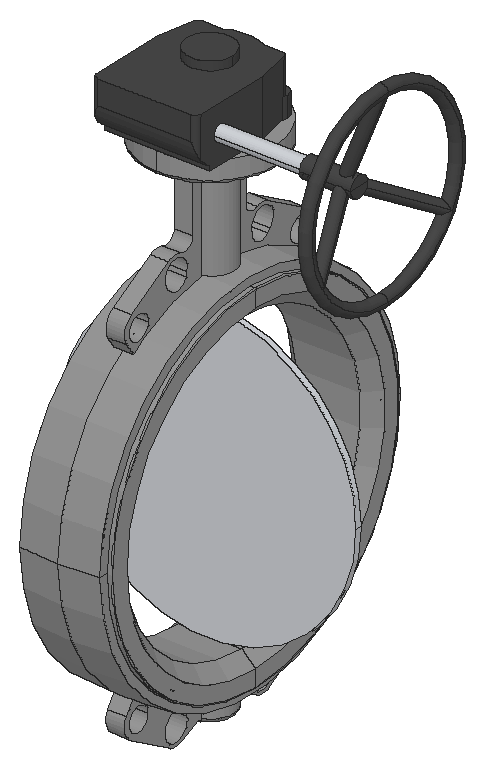
Revit family "HERZ Isolating Butterfly Valves ZF-4219 with gearbox", category Rohrzubehör, Revit 2021
Family settings
  Bemaßung runder Anschluss = Durchmesser verwenden
  Teiletyp = Unterbricht
  Arbeitsebenenbasiert = Nein
  Immer vertikal = Ja
  Beim Laden mit Abzugskörper schneiden = Nein
  Gemeinsam genutzt = Nein
Parameters
  Weight [instance] = size_lookup("4219_ZF_G", "M", 37.6, Nennweite)  # 37.6
  Vorgabe-Ansicht = 0 mm
  URL = "www.herzvalves.com"
  Spindle = "stainless steel ASTM-A276 / Type 316"  # constant formula
  Screws PN16 [instance] = if(Nennweite = 50 mm, "4x M16x100", if(Nennweite = 65 mm, "4x M16x100", if(Nennweite = 80 mm, "8x M16x100", if(Nennweite = 100 mm, "8x M16x110", if(Nennweite = 125 mm, "8x M16x120", if(Nennweite = 150 mm, "8x M20x120", if(Nennweite = 200 mm, "12x M20x130", if(Nennweite = 250 mm, "12x M24x140", "12x M24x160"))))))))  # "12x M24x160"
  Screws PN 6 [instance] = if(Nennweite = 50 mm, "4x M12x100", if(Nennweite = 65 mm, "4x M12x100", if(Nennweite = 80 mm, "4x M16x100", if(Nennweite = 100 mm, "4x M16x100", if(Nennweite = 125 mm, "8x M16x110", if(Nennweite = 150 mm, "8x M16x110", if(Nennweite = 200 mm, "--", if(Nennweite = 250 mm, "12x M16x130", "12xM16x140"))))))))  # "12xM16x140"
  Screws PN10 [instance] = if(Nennweite = 50 mm, "4x M16x100", if(Nennweite = 65 mm, "4x M16x100", if(Nennweite = 80 mm, "4x M16x100", if(Nennweite = 100 mm, "4x M16x110", if(Nennweite = 125 mm, "8x M16x120", if(Nennweite = 150 mm, "8x M20x120", if(Nennweite = 200 mm, "8x M20x130", if(Nennweite = 250 mm, "12x M20x130", "12x M20x150"))))))))  # "12x M20x150"
  SCTWSEQ = "FW;SBT_TYP_FW=\"101\";2"
  SCTWCODE = "04;07;02"  # constant formula
  SCRNSEQ = "ARM;ARM_TYP=\"ALLF\";2"
  SCRNCODE = "05;13;02"  # constant formula
  R_Dichtung = 1.5 mm  # constant formula
  Part number [instance] = size_lookup("4219_ZF_G", "Artnr", 1421901, Nennweite)  # 1421969
  PN16 [instance] = or(Nennweite = 50 mm, Nennweite = 65 mm, Nennweite = 80 mm, Nennweite = 100 mm, Nennweite = 125 mm, Nennweite = 150 mm, Nennweite = 200 mm, Nennweite = 250 mm, Nennweite = 300 mm)  # yes
  PN10 [instance] = or(Nennweite = 50 mm, Nennweite = 65 mm, Nennweite = 80 mm, Nennweite = 100 mm, Nennweite = 125 mm, Nennweite = 150 mm, Nennweite = 200 mm, Nennweite = 250 mm, Nennweite = 300 mm)  # yes
  PN 6 [instance] = or(Nennweite = 50 mm, Nennweite = 65 mm, Nennweite = 80 mm, Nennweite = 100 mm, Nennweite = 125 mm, Nennweite = 150 mm, Nennweite = 250 mm, Nennweite = 300 mm)  # yes
  PN [instance] = 16  # constant formula
  O-Ring = "EPDM according to ISO 1691"  # constant formula
  Nennweite [instance] = 300 mm
  Min. operating temperature = "-20.00 °C with appropriate water-glycol mixture"  # constant formula
  Medium = "Heating water quality according ÖNORM H5195 or VDI-Standard 2035. The use of ethylene or propylene glycol in a\nmixing ratio 25- 50% is allowed."
  Max. operating temperature = 110 °C  # constant formula
  LO1 [instance] = R05 + 10 mm  # 193 mm
  L16 [instance] = L01 - L13  # 299 mm
  L15 [instance] = L01 + L12  # 328 mm
  L14 [instance] = size_lookup("4219_ZF_G", "L_14", 44.4 mm, Nennweite)  # 89.4 mm
  L13 [instance] = size_lookup("4219_ZF_G", "L_13", 15 mm, Nennweite)  # 9 mm
  L12 [instance] = size_lookup("4219_ZF_G", "L_12", 15 mm, Nennweite)  # 20 mm
  L11 [instance] = size_lookup("4219_ZF_G", "L_11", 15 mm, Nennweite)  # 23 mm
  L10 [instance] = size_lookup("4219_ZF_G", "L_10", 16 mm, Nennweite)  # 16 mm
  L09 [instance] = size_lookup("4219_ZF_G", "L9", 29 mm, Nennweite)  # 61 mm
  L08 [instance] = size_lookup("4219_ZF_G", "L8", 43 mm, Nennweite)  # 78 mm
  L07 [instance] = size_lookup("4219_ZF_G", "L7", 3.5 mm, Nennweite)  # 4.5 mm
  L06 [instance] = size_lookup("4219_ZF_G", "L6", 18 mm, Nennweite)  # 44 mm
  L05 [instance] = size_lookup("4219_ZF_G", "L5", 35 mm, Nennweite)  # 67 mm
  L04 [instance] = size_lookup("4219_ZF_G", "L4", 35 mm, Nennweite)  # 17.5 mm
  L03 [instance] = size_lookup("4219_ZF_G", "L3", 35 mm, Nennweite)  # 207.5 mm
  L02 [instance] = size_lookup("4219_ZF_G", "L2", 35 mm, Nennweite)  # 122 mm
  L01 [instance] = size_lookup("4219_ZF_G", "L1", 35 mm, Nennweite)  # 308 mm
  Hersteller = "HERZ Armaturen Ges.m.b.H."  # constant formula
  H [instance] = size_lookup("4219_ZF_G", "H1", 9 mm, Nennweite)  # 22 mm
  Flange = "according to EN1092-2"  # constant formula
  Einbaudatum [instance] = ""
  Troque in Nm [instance] = size_lookup("4219_ZF_G", "NM", 350, Nennweite)  # 350
  Disc = "stainless steel 1.4408"  # constant formula
  DN300 [instance] = Nennweite = 300 mm  # yes
  DN250 [instance] = Nennweite = 250 mm  # no
  DN200 [instance] = Nennweite = 200 mm  # no
  DN150 [instance] = Nennweite = 150 mm  # no
  DN125 [instance] = Nennweite = 125 mm  # no
  DN100 [instance] = Nennweite = 100 mm  # no
  DN 80 [instance] = Nennweite = 80 mm  # no
  DN 65 [instance] = Nennweite = 65 mm  # no
  DN 50 [instance] = Nennweite = 50 mm  # no
  Chargennummer [instance] = ""
  Body sealing = "EPDM according to ISO 1691"  # constant formula
  Body = "GG, GJL-250/JL1040, according to EN1561"  # constant formula
  BD [instance] = size_lookup("4219_ZF_G", "DB", 24 mm, Nennweite)  # 290 mm
  D09 [instance] = size_lookup("4219_ZF_G", "D9", 24 mm, Nennweite)  # 145 mm
  D08 [instance] = size_lookup("4219_ZF_G", "D8", 47 mm, Nennweite)  # 18 mm
  D07 [instance] = size_lookup("4219_ZF_G", "D7", 47 mm, Nennweite)  # 37.5 mm
  D06 [instance] = size_lookup("4219_ZF_G", "D6", 47 mm, Nennweite)  # 65 mm
  R05 [instance] = size_lookup("4219_ZF_G", "D5", 47 mm, Nennweite)  # 183 mm
  D05 [instance] = R05 * 2  # 366 mm
  D04 [instance] = size_lookup("4219_ZF_G", "D4", 41 mm, Nennweite)  # 175 mm
  D03 [instance] = size_lookup("4219_ZF_G", "D3", 35.5 mm, Nennweite)  # 167.5 mm
  R01 [instance] = size_lookup("4219_ZF_G", "D1", 28 mm, Nennweite)  # 154.5 mm
  R02 [instance] = size_lookup("4219_ZF_G", "D2", 30 mm, Nennweite)  # 156.5 mm
  Application = "Suitable for fluids in building services, cold water systems, hot water saystems, etc."
Reference planes
  plane 1 "Mitte (Vorne/hinten)": y = 0
  plane 2: z = 0
  plane 3 "Mitte (Links/rechts)": x = 0
Forms (mm)
  Revolve 1, solid, material "Herz-Metall-blau", detail levels fine
    sketch origin (0, 0, 0) x (1, 0, 0) y (0, 1, 0)
      loop
        line (0, 185.241) -> (-39, 183) -> (-39, 175) -> (-30.5, 175) -> (-30.5, 167.5) -> (-32, 167.5)
        arc (-32, 167.5) -> (-33.061, 167.061) -> (-33.5, 166) r 1.5
        line (-33.5, 166) -> (-33.5, 156.824)
        arc (-33.5, 156.824) -> (-33.229, 155.964) -> (-32.513, 155.415) r 1.5
        line (-32.513, 155.415) -> (-29, 154.5) -> (-22, 154.5) -> (-22, 156.5) -> (22, 156.5) -> (22, 154.5) -> (29, 154.5) -> (32.513, 155.415)
        arc (32.513, 155.415) -> (33.229, 155.964) -> (33.5, 156.824) r 1.5
        line (33.5, 156.824) -> (33.5, 166)
        arc (33.5, 166) -> (33.061, 167.061) -> (32, 167.5) r 1.5
        line (32, 167.5) -> (30.5, 167.5) -> (30.5, 175) -> (39, 175) -> (39, 183) -> (0, 185.241)
      axis (39, 0) -> (-39, 0)
    angle from 0 to 360
  Extrusion 2, solid, material "Herz-Metall-blau", visible <- "DN 50", detail levels fine
    sketch origin (0, 0, 0) x (0, 1, 0) y (0, 0, 1)
      loop
        line (20, 54.051) -> (20.008, 111.113) -> (16.897, 110.952)
        arc (16.897, 110.952) -> (15.55, 110.331) -> (15, 108.954) r 2
        line (15, 108.954) -> (15, 44.542)
        arc (15, 44.542) -> (31.465, 34.913) -> (42.748, 19.534) r 47
        arc (42.748, 19.534) -> (42.633, 20.873) -> (43.392, 21.983) r 2
        line (43.392, 21.983) -> (54.714, 30.209)
        arc (54.714, 30.209) -> (56.569, 56.569) -> (30.209, 54.714) r 17.5
        line (30.209, 54.714) -> (27.87, 51.494)
        arc (27.87, 51.494) -> (23.006, 49.914) -> (20, 54.051) r 4.35
      loop
        arc (32.065, 41.998) -> (33.588, 33.588) -> (41.998, 32.065) r 7.5
        line (41.998, 32.065) -> (48.502, 35.17)
        arc (48.502, 35.17) -> (51.265, 51.265) -> (35.17, 48.502) r 10
        line (35.17, 48.502) -> (32.065, 41.998)
      loop
        arc (-20, 54.051) -> (-23.006, 49.914) -> (-27.87, 51.494) r 4.35
        line (-27.87, 51.494) -> (-30.209, 54.714)
        arc (-30.209, 54.714) -> (-56.569, 56.569) -> (-54.714, 30.209) r 17.5
        line (-54.714, 30.209) -> (-43.392, 21.983)
        arc (-43.392, 21.983) -> (-42.633, 20.873) -> (-42.748, 19.534) r 2
        arc (-42.748, 19.534) -> (-31.465, 34.913) -> (-15, 44.542) r 47
        line (-15, 44.542) -> (-15, 108.954)
        arc (-15, 108.954) -> (-15.55, 110.331) -> (-16.897, 110.952) r 2
        line (-16.897, 110.952) -> (-20.008, 111.113) -> (-20, 54.051)
      loop
        line (-32.065, 41.998) -> (-35.17, 48.502)
        arc (-35.17, 48.502) -> (-51.265, 51.265) -> (-48.502, 35.17) r 10
        line (-48.502, 35.17) -> (-41.998, 32.065)
        arc (-41.998, 32.065) -> (-33.588, 33.588) -> (-32.065, 41.998) r 7.5
      loop
        line (32.065, -41.998) -> (35.17, -48.502)
        arc (35.17, -48.502) -> (51.265, -51.265) -> (48.502, -35.17) r 10
        line (48.502, -35.17) -> (41.998, -32.065)
        arc (41.998, -32.065) -> (33.588, -33.588) -> (32.065, -41.998) r 7.5
      loop
        line (54.714, -30.209) -> (43.392, -21.983)
        arc (43.392, -21.983) -> (42.633, -20.873) -> (42.748, -19.534) r 2
        arc (42.748, -19.534) -> (33.234, -33.234) -> (19.534, -42.748) r 47
        arc (19.534, -42.748) -> (20.873, -42.633) -> (21.983, -43.392) r 2
        line (21.983, -43.392) -> (30.209, -54.714)
        arc (30.209, -54.714) -> (56.569, -56.569) -> (54.714, -30.209) r 17.5
      loop
        arc (-32.065, -41.998) -> (-33.588, -33.588) -> (-41.998, -32.065) r 7.5
        line (-41.998, -32.065) -> (-48.502, -35.17)
        arc (-48.502, -35.17) -> (-51.265, -51.265) -> (-35.17, -48.502) r 10
        line (-35.17, -48.502) -> (-32.065, -41.998)
      loop
        arc (-54.714, -30.209) -> (-56.569, -56.569) -> (-30.209, -54.714) r 17.5
        line (-30.209, -54.714) -> (-21.983, -43.392)
        arc (-21.983, -43.392) -> (-20.873, -42.633) -> (-19.534, -42.748) r 2
        arc (-19.534, -42.748) -> (-33.234, -33.234) -> (-42.748, -19.534) r 47
        arc (-42.748, -19.534) -> (-42.633, -20.873) -> (-43.392, -21.983) r 2
        line (-43.392, -21.983) -> (-54.714, -30.209)
    from -4.5 to 4.5
  Extrusion 3, solid, material "Herz-Metall-blau", visible <- "DN 65", detail levels fine
    sketch origin (0, 0, 0) x (0, 1, 0) y (0, 0, 1)
      loop
        arc (51.659, 21.619) -> (51.541, 22.778) -> (52.089, 23.805) r 2
        line (52.089, 23.805) -> (65.407, 37.123)
        arc (65.407, 37.123) -> (65.407, 65.407) -> (37.123, 65.407) r 20
        line (37.123, 65.407) -> (29.414, 57.699)
        arc (29.414, 57.699) -> (27.235, 57.265) -> (26, 59.113) r 2
        line (26, 59.113) -> (26, 136.154) -> (19.897, 135.838)
        arc (19.897, 135.838) -> (18.55, 135.218) -> (18, 133.841) r 2
        line (18, 133.841) -> (18, 53.028)
        arc (18, 53.028) -> (38.206, 40.942) -> (51.659, 21.619) r 56
      loop
        arc (55.637, 42.831) -> (57.983, 57.983) -> (42.831, 55.637) r 9.5
        line (42.831, 55.637) -> (39.647, 48.983)
        arc (39.647, 48.983) -> (41.012, 41.012) -> (48.983, 39.647) r 7
        line (48.983, 39.647) -> (55.637, 42.831)
      loop
        arc (51.659, -21.619) -> (39.598, -39.598) -> (21.619, -51.659) r 56
        arc (21.619, -51.659) -> (22.778, -51.541) -> (23.805, -52.089) r 2
        line (23.805, -52.089) -> (37.123, -65.407)
        arc (37.123, -65.407) -> (65.407, -65.407) -> (65.407, -37.123) r 20
        line (65.407, -37.123) -> (52.089, -23.805)
        arc (52.089, -23.805) -> (51.541, -22.778) -> (51.659, -21.619) r 2
      loop
        line (55.637, -42.831) -> (48.983, -39.647)
        arc (48.983, -39.647) -> (41.012, -41.012) -> (39.647, -48.983) r 7
        line (39.647, -48.983) -> (42.831, -55.637)
        arc (42.831, -55.637) -> (57.983, -57.983) -> (55.637, -42.831) r 9.5
      loop
        arc (-51.659, -21.619) -> (-51.541, -22.778) -> (-52.089, -23.805) r 2
        line (-52.089, -23.805) -> (-65.407, -37.123)
        arc (-65.407, -37.123) -> (-65.407, -65.407) -> (-37.123, -65.407) r 20
        line (-37.123, -65.407) -> (-23.805, -52.089)
        arc (-23.805, -52.089) -> (-22.778, -51.541) -> (-21.619, -51.659) r 2
        arc (-21.619, -51.659) -> (-39.598, -39.598) -> (-51.659, -21.619) r 56
      loop
        arc (-55.637, -42.831) -> (-57.983, -57.983) -> (-42.831, -55.637) r 9.5
        line (-42.831, -55.637) -> (-39.647, -48.983)
        arc (-39.647, -48.983) -> (-41.012, -41.012) -> (-48.983, -39.647) r 7
        line (-48.983, -39.647) -> (-55.637, -42.831)
      loop
        arc (-51.659, 21.619) -> (-38.206, 40.942) -> (-18, 53.028) r 56
        line (-18, 53.028) -> (-18, 133.838)
        arc (-18, 133.838) -> (-18.55, 135.215) -> (-19.897, 135.835) r 2
        line (-19.897, 135.835) -> (-26, 136.151) -> (-26, 59.113)
        arc (-26, 59.113) -> (-27.235, 57.265) -> (-29.414, 57.699) r 2
        line (-29.414, 57.699) -> (-37.123, 65.407)
        arc (-37.123, 65.407) -> (-65.407, 65.407) -> (-65.407, 37.123) r 20
        line (-65.407, 37.123) -> (-52.089, 23.805)
        arc (-52.089, 23.805) -> (-51.541, 22.778) -> (-51.659, 21.619) r 2
      loop
        line (-55.637, 42.831) -> (-48.983, 39.647)
        arc (-48.983, 39.647) -> (-41.012, 41.012) -> (-39.647, 48.983) r 7
        line (-39.647, 48.983) -> (-42.831, 55.637)
        arc (-42.831, 55.637) -> (-57.983, 57.983) -> (-55.637, 42.831) r 9.5
    from -4.5 to 4.5
  Extrusion 4, solid, material "Herz-Metall-blau", visible <- "DN 80", detail levels fine
    sketch origin (0, 0, 0) x (0, 1, 0) y (0, 0, 1)
      loop
        line (26, 143.161) -> (20.397, 142.871)
        arc (20.397, 142.871) -> (19.05, 142.251) -> (18.5, 140.874) r 2
        line (18.5, 140.874) -> (18.5, 62.833)
        arc (18.5, 62.833) -> (41.296, 50.842) -> (57.706, 30.989) r 65.5
        arc (57.706, 30.989) -> (57.482, 32.176) -> (57.983, 33.275) r 2
        line (57.983, 33.275) -> (67.23, 43.52)
        arc (67.23, 43.52) -> (70.328, 54.798) -> (65.407, 65.407) r 17
        line (65.407, 65.407) -> (42.005, 86.53)
        arc (42.005, 86.53) -> (37.832, 89.302) -> (33.031, 90.738) r 17
        arc (33.031, 90.738) -> (27.974, 93.895) -> (26, 99.52) r 9
        line (26, 99.52) -> (26, 143.161)
      loop
        circle (30.615, 73.91) r 9.5
      loop
        circle (53.387, 53.387) r 9.5
      loop
        arc (57.706, -30.989) -> (41.296, -50.842) -> (18.5, -62.833) r 65.5
        line (18.5, -62.833) -> (18.5, -85.837)
        arc (18.5, -85.837) -> (30.113, -90.903) -> (42.005, -86.53) r 17
        line (42.005, -86.53) -> (65.407, -65.407)
        arc (65.407, -65.407) -> (70.328, -54.798) -> (67.23, -43.52) r 17
        line (67.23, -43.52) -> (57.983, -33.275)
        arc (57.983, -33.275) -> (57.482, -32.176) -> (57.706, -30.989) r 2
      loop
        circle (30.615, -73.91) r 9.5
      loop
        circle (53.387, -53.387) r 9.5
      loop
        arc (-57.706, -30.989) -> (-57.482, -32.176) -> (-57.983, -33.275) r 2
        line (-57.983, -33.275) -> (-67.23, -43.52)
        arc (-67.23, -43.52) -> (-70.328, -54.798) -> (-65.407, -65.407) r 17
        line (-65.407, -65.407) -> (-42.005, -86.53)
        arc (-42.005, -86.53) -> (-30.113, -90.903) -> (-18.5, -85.837) r 17
        line (-18.5, -85.837) -> (-18.5, -62.833)
        arc (-18.5, -62.833) -> (-41.296, -50.842) -> (-57.706, -30.989) r 65.5
      loop
        circle (-30.615, -73.91) r 9.5
      loop
        circle (-53.387, -53.387) r 9.5
      loop
        line (-26, 143.179) -> (-26, 99.52)
        arc (-26, 99.52) -> (-27.974, 93.895) -> (-33.031, 90.738) r 9
        arc (-33.031, 90.738) -> (-37.832, 89.302) -> (-42.005, 86.53) r 17
        line (-42.005, 86.53) -> (-65.407, 65.407)
        arc (-65.407, 65.407) -> (-70.328, 54.798) -> (-67.23, 43.52) r 17
        line (-67.23, 43.52) -> (-57.983, 33.275)
        arc (-57.983, 33.275) -> (-57.482, 32.176) -> (-57.706, 30.989) r 2
        arc (-57.706, 30.989) -> (-41.296, 50.842) -> (-18.5, 62.833) r 65.5
        line (-18.5, 62.833) -> (-18.5, 140.891)
        arc (-18.5, 140.891) -> (-19.05, 142.268) -> (-20.397, 142.888) r 2
        line (-20.397, 142.888) -> (-26, 143.179)
      loop
        circle (-30.615, 73.91) r 9.5
      loop
        circle (-53.387, 53.387) r 9.5
    from -4.5 to 4.5
  Extrusion 5, solid, material "Herz-Metall-blau", visible <- "DN100", detail levels fine
    sketch origin (0, 0, 0) x (0, 1, 0) y (0, 0, 1)
      loop
        line (64.131, 38.887) -> (73.681, 49.873)
        arc (73.681, 49.873) -> (77.063, 61.29) -> (72.125, 72.125) r 17
        line (72.125, 72.125) -> (45.809, 95.79)
        arc (45.809, 95.79) -> (41.366, 98.675) -> (36.25, 100.053) r 17
        arc (36.25, 100.053) -> (28.882, 104.596) -> (26, 112.759) r 13
        line (26, 112.759) -> (26, 166.173) -> (20.397, 165.883)
        arc (20.397, 165.883) -> (19.05, 165.263) -> (18.5, 163.886) r 2
        line (18.5, 163.886) -> (18.5, 72.683)
        arc (18.5, 72.683) -> (44.637, 60.27) -> (64.131, 38.887) r 75
      loop
        circle (60.104, 60.104) r 9.5
      loop
        circle (34.442, 83.149) r 9.5
      loop
        arc (64.131, -38.887) -> (44.637, -60.27) -> (18.5, -72.683) r 75
        line (18.5, -72.683) -> (18.5, -95.329)
        arc (18.5, -95.329) -> (21.473, -95.603) -> (24.233, -96.743) r 10
        arc (24.233, -96.743) -> (35.191, -100.133) -> (45.809, -95.79) r 17
        line (45.809, -95.79) -> (72.125, -72.125)
        arc (72.125, -72.125) -> (77.063, -61.29) -> (73.681, -49.873) r 17
        line (73.681, -49.873) -> (64.131, -38.887)
      loop
        circle (60.104, -60.104) r 9.5
      loop
        circle (34.442, -83.149) r 9.5
      loop
        line (-64.131, -38.887) -> (-73.681, -49.873)
        arc (-73.681, -49.873) -> (-77.063, -61.29) -> (-72.125, -72.125) r 17
        line (-72.125, -72.125) -> (-45.809, -95.79)
        arc (-45.809, -95.79) -> (-35.191, -100.133) -> (-24.233, -96.743) r 17
        arc (-24.233, -96.743) -> (-21.473, -95.603) -> (-18.5, -95.329) r 10
        line (-18.5, -95.329) -> (-18.5, -72.683)
        arc (-18.5, -72.683) -> (-44.637, -60.27) -> (-64.131, -38.887) r 75
      loop
        circle (-60.104, -60.104) r 9.5
      loop
        circle (-34.442, -83.149) r 9.5
      loop
        arc (-64.131, 38.887) -> (-44.637, 60.27) -> (-18.5, 72.683) r 75
        line (-18.5, 72.683) -> (-18.5, 163.876)
        arc (-18.5, 163.876) -> (-19.05, 165.253) -> (-20.397, 165.873) r 2
        line (-20.397, 165.873) -> (-26, 166.164) -> (-26, 112.759)
        arc (-26, 112.759) -> (-28.882, 104.596) -> (-36.25, 100.053) r 13
        arc (-36.25, 100.053) -> (-41.366, 98.675) -> (-45.809, 95.79) r 17
        line (-45.809, 95.79) -> (-72.125, 72.125)
        arc (-72.125, 72.125) -> (-77.063, 61.29) -> (-73.681, 49.873) r 17
        line (-73.681, 49.873) -> (-64.131, 38.887)
      loop
        circle (-60.104, 60.104) r 9.5
      loop
        circle (-34.442, 83.149) r 9.5
    from -4.5 to 4.5
  Extrusion 6, solid, material "Herz-Metall-blau", visible <- "DN125", detail levels fine
    sketch origin (0, 0, 0) x (0, 1, 0) y (0, 0, 1)
      loop
        arc (75.229, 48.945) -> (74.917, 50.244) -> (75.492, 51.45) r 2
        line (75.492, 51.45) -> (82.731, 58.69)
        arc (82.731, 58.69) -> (87.711, 70.711) -> (82.731, 82.731) r 17
        line (82.731, 82.731) -> (51.291, 109.875)
        arc (51.291, 109.875) -> (46.108, 112.941) -> (40.182, 114.007) r 17
        line (40.182, 114.007) -> (38, 114.007)
        arc (38, 114.007) -> (29.515, 117.522) -> (26, 126.007) r 12
        line (26, 126.007) -> (26, 185.157) -> (20.397, 184.867)
        arc (20.397, 184.867) -> (19.05, 184.246) -> (18.5, 182.869) r 2
        line (18.5, 182.869) -> (18.5, 87.823)
        arc (18.5, 87.823) -> (50.736, 74.033) -> (75.229, 48.945) r 89.75
      loop
        circle (40.182, 97.007) r 9.5
      loop
        circle (70.711, 70.711) r 9.5
      loop
        arc (75.229, -48.945) -> (50.736, -74.033) -> (18.5, -87.823) r 89.75
        line (18.5, -87.823) -> (18.5, -108.431)
        arc (18.5, -108.431) -> (24.248, -107.655) -> (29.46, -110.2) r 10
        arc (29.46, -110.2) -> (40.434, -114.005) -> (51.291, -109.875) r 17
        line (51.291, -109.875) -> (82.731, -82.731)
        arc (82.731, -82.731) -> (87.711, -70.711) -> (82.731, -58.69) r 17
        line (82.731, -58.69) -> (75.492, -51.45)
        arc (75.492, -51.45) -> (74.917, -50.244) -> (75.229, -48.945) r 2
      loop
        circle (40.182, -97.007) r 9.5
      loop
        circle (70.711, -70.711) r 9.5
      loop
        arc (-75.229, -48.945) -> (-74.917, -50.244) -> (-75.492, -51.45) r 2
        line (-75.492, -51.45) -> (-82.731, -58.69)
        arc (-82.731, -58.69) -> (-87.711, -70.711) -> (-82.731, -82.731) r 17
        line (-82.731, -82.731) -> (-51.291, -109.875)
        arc (-51.291, -109.875) -> (-40.434, -114.005) -> (-29.46, -110.2) r 17
        arc (-29.46, -110.2) -> (-24.248, -107.655) -> (-18.5, -108.431) r 10
        line (-18.5, -108.431) -> (-18.5, -87.823)
        arc (-18.5, -87.823) -> (-50.736, -74.033) -> (-75.229, -48.945) r 89.75
      loop
        circle (-40.182, -97.007) r 9.5
      loop
        circle (-70.711, -70.711) r 9.5
      loop
        arc (-75.229, 48.945) -> (-50.736, 74.033) -> (-18.5, 87.823) r 89.75
        line (-18.5, 87.823) -> (-18.5, 182.852)
        arc (-18.5, 182.852) -> (-19.05, 184.23) -> (-20.397, 184.85) r 2
        line (-20.397, 184.85) -> (-26, 185.14) -> (-26, 126.007)
        arc (-26, 126.007) -> (-29.515, 117.522) -> (-38, 114.007) r 12
        line (-38, 114.007) -> (-40.182, 114.007)
        arc (-40.182, 114.007) -> (-46.108, 112.941) -> (-51.291, 109.875) r 17
        line (-51.291, 109.875) -> (-82.731, 82.731)
        arc (-82.731, 82.731) -> (-87.711, 70.711) -> (-82.731, 58.69) r 17
        line (-82.731, 58.69) -> (-75.492, 51.45)
        arc (-75.492, 51.45) -> (-74.917, 50.244) -> (-75.229, 48.945) r 2
      loop
        circle (-40.182, 97.007) r 9.5
      loop
        circle (-70.711, 70.711) r 9.5
    from -6 to 6
  Extrusion 7, solid, material "Herz-Metall-blau", visible <- "DN150", detail levels fine
    sketch origin (0, 0, 0) x (0, 1, 0) y (0, 0, 1)
      loop
        line (83.495, 59.454) -> (91.57, 67.529)
        arc (91.57, 67.529) -> (96.55, 79.55) -> (91.57, 91.57) r 17
        line (91.57, 91.57) -> (57.511, 123.304)
        arc (57.511, 123.304) -> (45.758, 127.865) -> (34.095, 123.077) r 17
        arc (34.095, 123.077) -> (28.976, 122.416) -> (26, 126.633) r 5
        line (26, 126.633) -> (26, 198.177) -> (20.397, 197.887)
        arc (20.397, 197.887) -> (19.05, 197.267) -> (18.5, 195.889) r 2
        line (18.5, 195.889) -> (18.5, 100.817)
        arc (18.5, 100.817) -> (55.032, 86.474) -> (83.495, 59.454) r 102.5
      loop
        circle (45.922, 110.866) r 11.5
      loop
        circle (79.55, 79.55) r 9.5
      loop
        circle (45.922, -110.866) r 11.5
      loop
        circle (79.55, -79.55) r 9.5
      loop
        line (91.57, -67.529) -> (83.495, -59.454)
        arc (83.495, -59.454) -> (55.032, -86.474) -> (18.5, -100.817) r 102.5
        line (18.5, -100.817) -> (18.5, -123.208)
        arc (18.5, -123.208) -> (19.363, -121.755) -> (21.03, -121.482) r 2
        line (21.03, -121.482) -> (42.642, -127.546)
        arc (42.642, -127.546) -> (50.587, -127.213) -> (57.511, -123.304) r 17
        line (57.511, -123.304) -> (91.57, -91.57)
        arc (91.57, -91.57) -> (96.55, -79.55) -> (91.57, -67.529) r 17
      loop
        arc (-83.495, 59.454) -> (-55.032, 86.474) -> (-18.5, 100.817) r 102.5
        line (-18.5, 100.817) -> (-18.5, 195.875)
        arc (-18.5, 195.875) -> (-19.05, 197.252) -> (-20.397, 197.872) r 2
        line (-20.397, 197.872) -> (-26, 198.163) -> (-26, 126.633)
        arc (-26, 126.633) -> (-28.976, 122.416) -> (-34.095, 123.077) r 5
        arc (-34.095, 123.077) -> (-45.758, 127.865) -> (-57.511, 123.304) r 17
        line (-57.511, 123.304) -> (-91.57, 91.57)
        arc (-91.57, 91.57) -> (-96.55, 79.55) -> (-91.57, 67.529) r 17
        line (-91.57, 67.529) -> (-83.495, 59.454)
      loop
        circle (-45.922, 110.866) r 11.5
      loop
        circle (-79.55, 79.55) r 9.5
      loop
        circle (-45.922, -110.866) r 11.5
      loop
        circle (-79.55, -79.55) r 9.5
      loop
        arc (-91.57, -67.529) -> (-96.55, -79.55) -> (-91.57, -91.57) r 17
        line (-91.57, -91.57) -> (-57.511, -123.304)
        arc (-57.511, -123.304) -> (-50.587, -127.213) -> (-42.642, -127.546) r 17
        line (-42.642, -127.546) -> (-21.03, -121.482)
        arc (-21.03, -121.482) -> (-19.363, -121.755) -> (-18.5, -123.208) r 2
        line (-18.5, -123.208) -> (-18.5, -100.817)
        arc (-18.5, -100.817) -> (-55.032, -86.474) -> (-83.495, -59.454) r 102.5
        line (-83.495, -59.454) -> (-91.57, -67.529)
    from -7 to 7
  Extrusion 8, solid, material "Herz-Metall-blau", visible <- "DN200", detail levels fine
    sketch origin (0, 0, 0) x (0, 1, 0) y (0, 0, 1)
      loop
        arc (42.048, 153.832) -> (26.654, 145.827) -> (35.349, 130.812) r 12
        line (35.349, 130.812) -> (53.31, 124.689)
        arc (53.31, 124.689) -> (67.804, 132.4) -> (61.038, 147.359) r 12
        line (61.038, 147.359) -> (42.048, 153.832)
      loop
        line (28, 226.273) -> (22.065, 226.047)
        arc (22.065, 226.047) -> (20.655, 225.469) -> (20, 224.092) r 2.114
        line (20, 224.092) -> (20, 129.471)
        arc (20, 129.471) -> (49.604, 121.273) -> (76.485, 106.406) r 130.989
        line (76.485, 106.406) -> (76.485, 136.265)
        arc (76.485, 136.265) -> (73.108, 147.391) -> (64.117, 154.764) r 20.019
        line (64.117, 154.764) -> (38.16, 163.592)
        arc (38.16, 163.592) -> (30.802, 169.06) -> (28, 177.79) r 15
        line (28, 177.79) -> (28, 226.273)
      loop
        line (42.048, -153.832) -> (61.038, -147.359)
        arc (61.038, -147.359) -> (67.804, -132.4) -> (53.31, -124.689) r 12
        line (53.31, -124.689) -> (35.349, -130.812)
        arc (35.349, -130.812) -> (26.654, -145.827) -> (42.048, -153.832) r 12
      loop
        arc (76.446, -106.382) -> (49.585, -121.253) -> (20, -129.464) r 131
        line (20, -129.464) -> (20, -141.835)
        arc (20, -141.835) -> (28.361, -158.099) -> (46.453, -160.765) r 20
        line (46.453, -160.765) -> (64.099, -154.75)
        arc (64.099, -154.75) -> (73.075, -147.384) -> (76.446, -136.272) r 20
        line (76.446, -136.272) -> (76.446, -106.382)
      loop
        arc (-42.048, -153.832) -> (-26.654, -145.827) -> (-35.349, -130.812) r 12
        line (-35.349, -130.812) -> (-53.31, -124.689)
        arc (-53.31, -124.689) -> (-67.804, -132.4) -> (-61.038, -147.359) r 12
        line (-61.038, -147.359) -> (-42.048, -153.832)
      loop
        line (-76.446, -106.382) -> (-76.446, -136.272)
        arc (-76.446, -136.272) -> (-73.075, -147.384) -> (-64.099, -154.75) r 20
        line (-64.099, -154.75) -> (-46.453, -160.765)
        arc (-46.453, -160.765) -> (-28.361, -158.099) -> (-20, -141.835) r 20
        line (-20, -141.835) -> (-20, -129.464)
        arc (-20, -129.464) -> (-49.585, -121.253) -> (-76.446, -106.382) r 131
      loop
        line (-42.048, 153.832) -> (-61.038, 147.359)
        arc (-61.038, 147.359) -> (-67.804, 132.4) -> (-53.31, 124.689) r 12
        line (-53.31, 124.689) -> (-35.349, 130.812)
        arc (-35.349, 130.812) -> (-26.654, 145.827) -> (-42.048, 153.832) r 12
      loop
        line (-28, 226.278) -> (-28, 177.79)
        arc (-28, 177.79) -> (-30.802, 169.06) -> (-38.16, 163.592) r 15
        line (-38.16, 163.592) -> (-64.117, 154.764)
        arc (-64.117, 154.764) -> (-73.108, 147.391) -> (-76.485, 136.265) r 20.019
        line (-76.485, 136.265) -> (-76.485, 106.406)
        arc (-76.485, 106.406) -> (-49.604, 121.273) -> (-20, 129.471) r 130.989
        line (-20, 129.471) -> (-20, 224.098)
        arc (-20, 224.098) -> (-20.655, 225.475) -> (-22.065, 226.053) r 2.114
        line (-22.065, 226.053) -> (-28, 226.278)
    from -7 to 7
  Extrusion 9, solid, material "Herz-Metall-blau", visible <- "DN250", detail levels fine
    sketch origin (0, 0, 0) x (0, 1, 0) y (0, 0, 1)
      loop
        arc (-95.9, 125.382) -> (-61.406, 145.382) -> (-23, 156.095) r 157.75
        line (-23, 156.095) -> (-23, 258.814)
        arc (-23, 258.814) -> (-23.588, 260.113) -> (-24.893, 260.69) r 2
        line (-24.893, 260.69) -> (-32, 261.058) -> (-32, 187.712)
        arc (-32, 187.712) -> (-33.507, 185.205) -> (-36.428, 185.359) r 2.84
        arc (-36.428, 185.359) -> (-43.951, 188.152) -> (-51.918, 187.184) r 17
        line (-51.918, 187.184) -> (-97.072, 155.872)
        arc (-97.072, 155.872) -> (-100.207, 149.167) -> (-100.195, 141.765) r 17
        line (-100.195, 141.765) -> (-95.9, 125.382)
      loop
        circle (-83.608, 145.492) r 9.5
      loop
        circle (-45.549, 171.269) r 14
      loop
        arc (96.192, -125.349) -> (61.575, -145.51) -> (23, -156.317) r 157.999
        line (23, -156.317) -> (23, -181.388) -> (27.217, -181.388)
        arc (27.217, -181.388) -> (30.142, -181.826) -> (32.812, -183.1) r 10
        line (32.812, -183.1) -> (36.428, -185.542)
        arc (36.428, -185.542) -> (44.468, -188.388) -> (52.878, -186.972) r 17
        line (52.878, -186.972) -> (97.463, -155.872)
        arc (97.463, -155.872) -> (100.598, -149.167) -> (100.586, -141.765) r 17
        line (100.586, -141.765) -> (96.192, -125.349)
      loop
        circle (84, -145.492) r 9.5
      loop
        circle (45.94, -171.452) r 14
      loop
        line (-96.192, -125.349) -> (-100.586, -141.765)
        arc (-100.586, -141.765) -> (-100.598, -149.167) -> (-97.463, -155.872) r 17
        line (-97.463, -155.872) -> (-52.878, -186.972)
        arc (-52.878, -186.972) -> (-44.468, -188.388) -> (-36.428, -185.542) r 17
        line (-36.428, -185.542) -> (-32.812, -183.1)
        arc (-32.812, -183.1) -> (-30.142, -181.826) -> (-27.217, -181.388) r 10
        line (-27.217, -181.388) -> (-23, -181.388) -> (-23, -156.317)
        arc (-23, -156.317) -> (-61.575, -145.51) -> (-96.192, -125.349) r 157.999
      loop
        circle (-84, -145.492) r 9.5
      loop
        circle (-45.94, -171.452) r 14
      loop
        line (95.9, 125.2) -> (100.195, 141.582)
        arc (100.195, 141.582) -> (100.207, 148.984) -> (97.072, 155.689) r 17
        line (97.072, 155.689) -> (51.919, 187.036)
        arc (51.919, 187.036) -> (43.952, 188.006) -> (36.428, 185.212) r 17
        arc (36.428, 185.212) -> (33.507, 185.058) -> (32, 187.566) r 2.84
        line (32, 187.566) -> (32, 261.045) -> (24.893, 260.677)
        arc (24.893, 260.677) -> (23.588, 260.1) -> (23, 258.801) r 2
        line (23, 258.801) -> (23, 155.948)
        arc (23, 155.948) -> (61.411, 145.223) -> (95.9, 125.2) r 157.605
      loop
        circle (83.608, 145.31) r 9.5
      loop
        circle (45.549, 171.122) r 14
    from -9 to 9
  Extrusion 10, solid, material "Herz-Metall-blau", visible <- "DN300", detail levels fine
    sketch origin (0, 0, 0) x (0, 1, 0) y (0, 0, 1)
      loop
        arc (62.57, 187.834) -> (56.268, 211.23) -> (39.112, 194.12) r 14
        line (39.112, 194.12) -> (40.223, 189.928)
        arc (40.223, 189.928) -> (48.374, 181.769) -> (59.504, 184.767) r 11.5
        line (59.504, 184.767) -> (62.57, 187.834)
      loop
        circle (98.337, 170.892) r 12
      loop
        arc (113.094, 162.454) -> (114.748, 175.326) -> (106.837, 185.615) r 17
        line (106.837, 185.615) -> (61.701, 211.919)
        arc (61.701, 211.919) -> (54.44, 214.463) -> (46.806, 213.516) r 16.852
        arc (46.806, 213.516) -> (36.904, 213.681) -> (32, 222.285) r 10
        line (32, 222.285) -> (32, 286.38) -> (24.895, 286.033)
        arc (24.895, 286.033) -> (23.576, 285.442) -> (23, 284.117) r 2
        line (23, 284.117) -> (23, 181.202)
        arc (23, 181.202) -> (65.613, 170.505) -> (104.437, 149.94) r 182.63
        line (104.437, 149.94) -> (113.094, 162.454)
      loop
        line (62.984, -188.142) -> (59.917, -185.075)
        arc (59.917, -185.075) -> (48.787, -182.077) -> (40.637, -190.235) r 11.5
        line (40.637, -190.235) -> (39.525, -194.427)
        arc (39.525, -194.427) -> (56.681, -211.538) -> (62.984, -188.142) r 14
      loop
        circle (98.75, -171.04) r 12
      loop
        line (113.508, -162.601) -> (104.75, -150.055)
        arc (104.75, -150.055) -> (65.787, -170.766) -> (23, -181.549) r 183
        line (23, -181.549) -> (23, -206.327)
        arc (23, -206.327) -> (24.157, -204.218) -> (26.558, -204.062) r 2.5
        line (26.558, -204.062) -> (45.918, -213.443)
        arc (45.918, -213.443) -> (53.906, -214.994) -> (61.701, -212.654) r 17
        line (61.701, -212.654) -> (107.25, -185.762)
        arc (107.25, -185.762) -> (115.162, -175.474) -> (113.508, -162.601) r 17
      loop
        arc (-62.984, -188.142) -> (-56.681, -211.538) -> (-39.525, -194.427) r 14
        line (-39.525, -194.427) -> (-40.637, -190.235)
        arc (-40.637, -190.235) -> (-48.787, -182.077) -> (-59.917, -185.075) r 11.5
        line (-59.917, -185.075) -> (-62.984, -188.142)
      loop
        circle (-98.75, -171.04) r 12
      loop
        arc (-113.508, -162.601) -> (-115.162, -175.474) -> (-107.25, -185.762) r 17
        line (-107.25, -185.762) -> (-61.701, -212.654)
        arc (-61.701, -212.654) -> (-53.906, -214.994) -> (-45.918, -213.443) r 17
        line (-45.918, -213.443) -> (-26.558, -204.062)
        arc (-26.558, -204.062) -> (-24.157, -204.218) -> (-23, -206.327) r 2.5
        line (-23, -206.327) -> (-23, -181.549)
        arc (-23, -181.549) -> (-65.787, -170.766) -> (-104.75, -150.055) r 183
        line (-104.75, -150.055) -> (-113.508, -162.601)
      loop
        line (-62.574, 188.142) -> (-59.508, 185.075)
        arc (-59.508, 185.075) -> (-48.378, 182.077) -> (-40.227, 190.235) r 11.5
        line (-40.227, 190.235) -> (-39.116, 194.427)
        arc (-39.116, 194.427) -> (-56.272, 211.538) -> (-62.574, 188.142) r 14
      loop
        circle (-98.34, 171.04) r 12
      loop
        line (-113.098, 162.601) -> (-104.44, 150.087)
        arc (-104.44, 150.087) -> (-65.611, 170.637) -> (-23, 181.326) r 182.753
        line (-23, 181.326) -> (-23, 284.115)
        arc (-23, 284.115) -> (-23.577, 285.441) -> (-24.896, 286.032) r 2
        line (-24.896, 286.032) -> (-32, 286.379) -> (-32, 222.593)
        arc (-32, 222.593) -> (-37.217, 213.811) -> (-47.425, 214.193) r 10
        arc (-47.425, 214.193) -> (-54.523, 214.911) -> (-61.291, 212.654) r 17
        line (-61.291, 212.654) -> (-106.84, 185.762)
        arc (-106.84, 185.762) -> (-114.752, 175.474) -> (-113.098, 162.601) r 17
    from -9 to 9
  Revolve 11, solid, material "Herz-Metall-blau"
    sketch origin (0, 0, 0) x (0, 1, 0) y (0, 0, 1)
      loop
        line (0, -183) -> (0, -207.5) -> (20, -207.5)
        arc (20, -207.5) -> (22.121, -206.621) -> (23, -204.5) r 3
        line (23, -204.5) -> (23, -181.549)
        arc (23, -181.549) -> (11.523, -182.637) -> (0, -183) r 183
      axis (0, -181.549) -> (0, -207.5)
    angle from 0 to 360
  Revolve 12, solid, material "Herz-Metall-blau"
    sketch origin (0, 0, 0) x (0, 1, 0) y (0, 0, 1)
      loop
        line (0, 299) -> (0, 183)
        arc (0, 183) -> (11.523, 182.637) -> (23, 181.549) r 183
        line (23, 181.549) -> (23, 284)
        arc (23, 284) -> (23.549, 285.377) -> (24.895, 285.998) r 2
        line (24.895, 285.998) -> (63.105, 288)
        arc (63.105, 288) -> (64.451, 288.621) -> (65, 289.997) r 2
        line (65, 289.997) -> (65, 308) -> (37.5, 308) -> (37.5, 299) -> (0, 299)
      axis (0, 308) -> (0, 181.549)
    angle from 0 to 360
  Revolve 13, solid, material "Gummi"
    sketch origin (0, 0, 0) x (1, 0, 0) y (0, 0, 1)
      loop
        arc (-43.208, 175) -> (-44.263, 174.563) -> (-44.7, 173.508) r 1.492
        line (-44.7, 173.508) -> (-44.7, 156.718) -> (-30.5, 145) -> (30.5, 145) -> (44.7, 157.945) -> (44.7, 174)
        arc (44.7, 174) -> (44.407, 174.707) -> (43.7, 175) r 1
        line (43.7, 175) -> (30.5, 175) -> (30.5, 167.5) -> (32, 167.5)
        arc (32, 167.5) -> (33.061, 167.061) -> (33.5, 166) r 1.5
        line (33.5, 166) -> (33.5, 156.988)
        arc (33.5, 156.988) -> (33.122, 155.993) -> (32.18, 155.499) r 1.5
        line (32.18, 155.499) -> (29, 154.5) -> (20.027, 154.5) -> (20.027, 156.5) -> (-23.973, 156.5) -> (-23.973, 154.5) -> (-29, 154.5) -> (-32.18, 155.499)
        arc (-32.18, 155.499) -> (-33.122, 155.993) -> (-33.5, 156.988) r 1.5
        line (-33.5, 156.988) -> (-33.5, 166)
        arc (-33.5, 166) -> (-33.061, 167.061) -> (-32, 167.5) r 1.5
        line (-32, 167.5) -> (-30.5, 167.5) -> (-30.5, 175) -> (-43.208, 175)
      axis (-44.7, 0) -> (44.7, 0)
    angle from 0 to 360
  Extrusion 14, solid, detail levels fine
    sketch origin (0, 0, 0) x (1, 0, 0) y (0, 0, 1)
      loop
        circle (0, 0) r 145
    from -3 to 3
  Extrusion 15, solid, detail levels fine
    sketch origin (0, 0, 0) x (1, 0, 0) y (0, 1, 0)
      loop
        line (0, 15.556) -> (-15.556, 0) -> (0, -15.556) -> (15.556, 0) -> (0, 15.556)
    from 299 <- "L16" to 328 <- "L15"
Lines and regions (mm)
  model lines, detail levels coarse+medium
    curve 1: line (-39, 183, 0) -> (39, 183, 0)
    curve 2: line (-39, -183, 0) -> (-39, 183, 0)
    curve 3: line (39, -183, 0) -> (-39, -183, 0)
    curve 4: line (39, 183, 0) -> (39, -183, 0)
    curve 5: line (-39, 183, 0) -> (39, -183, 0)
    curve 6: circle (0, 0, 0) r 5 normal (0, 0, 1)
    curve 7: line (-39, 0, 183) -> (39, 0, 183)
    curve 8: line (-39, 0, -183) -> (-39, 0, 183)
    curve 9: line (39, 0, -183) -> (-39, 0, -183)
    curve 10: line (39, 0, 183) -> (39, 0, -183)
    curve 11: line (-39, 0, 183) -> (39, 0, -183)
    curve 12: circle (0, 0, 0) r 7 normal (0, -1, 0)
Dimensions and locks
  "L08": Revolve 1 sketch curve to Revolve 1 sketch curve
  equal spacing: Revolve 1 sketch curve, plane 3 "Mitte (Links/rechts)", Revolve 1 sketch curve  (x4)
  "L07": Revolve 1 sketch curve to Revolve 1 sketch curve  (x2)
  "L06": Revolve 1 sketch curve to Revolve 1 sketch curve
  "L05": Revolve 1 sketch curve to Revolve 1 sketch curve
  "L09": Revolve 1 sketch curve to Revolve 1 sketch curve
  "R05": plane 1 "Mitte (Vorne/hinten)" to Revolve 1 sketch curve  (x2)
  "D04": plane 1 "Mitte (Vorne/hinten)" to Revolve 1 sketch curve  (x2)
  "D03": plane 1 "Mitte (Vorne/hinten)" to Revolve 1 sketch curve  (x2)
  "R01": plane 1 "Mitte (Vorne/hinten)" to Revolve 1 sketch curve  (x2)
  "R02": plane 1 "Mitte (Vorne/hinten)" to Revolve 1 sketch curve
  equal spacing: curve 2, plane 3 "Mitte (Links/rechts)", curve 4
  equal spacing: curve 3, plane 1 "Mitte (Vorne/hinten)", curve 1
  "L08": curve 2 to curve 4
  "D05": curve 3 to curve 1
  equal spacing: curve 10, plane 3 "Mitte (Links/rechts)", curve 8
  equal spacing: curve 7, level, curve 9
  "D05": curve 7 to curve 9
  "L08": curve 8 to curve 10
  "L11": Revolve 11 sketch curve to plane 1 "Mitte (Vorne/hinten)"
  "L03": level to Revolve 11 sketch curve
  "R05": level to Revolve 11 sketch curve
  "R05": Revolve 12 sketch curve to curve 2
  "L11": Revolve 12 sketch curve to plane 1 "Mitte (Vorne/hinten)"
  "L01": Revolve 12 sketch curve to level
  "L12": Revolve 12 sketch curve to Revolve 12 sketch curve
  "L13": Revolve 12 sketch curve to Revolve 12 sketch curve
  "D07": Revolve 12 sketch curve to Revolve 12 sketch curve
  "D06": Revolve 12 sketch curve to Revolve 12 sketch curve
  Extrusion 10 sketch curve to plane 1 "Mitte (Vorne/hinten)" to Extrusion 10 sketch curve = 23 mm, 23 mm
  equal spacing: Extrusion 10 sketch curve, plane 1 "Mitte (Vorne/hinten)", Extrusion 10 sketch curve
  Extrusion 10 sketch curve to Extrusion 10 sketch curve = 64 mm
  Extrusion 9 sketch curve to plane 1 "Mitte (Vorne/hinten)" to Extrusion 9 sketch curve = 23 mm, 23 mm
  Extrusion 9 sketch curve to plane 1 "Mitte (Vorne/hinten)" to Extrusion 9 sketch curve = 32 mm, 32 mm
  Extrusion 8 sketch curve to Extrusion 8 sketch curve = 56 mm
  equal spacing: Extrusion 8 sketch curve, plane 1 "Mitte (Vorne/hinten)", Extrusion 8 sketch curve
  Extrusion 8 sketch curve to plane 1 "Mitte (Vorne/hinten)" to Extrusion 8 sketch curve = 20 mm, 20 mm
  equal spacing: Extrusion 7 sketch curve, plane 1 "Mitte (Vorne/hinten)", Extrusion 7 sketch curve
  Extrusion 7 sketch curve to Extrusion 7 sketch curve = 52 mm
  equal spacing: Extrusion 6 sketch curve, plane 1 "Mitte (Vorne/hinten)", Extrusion 6 sketch curve
  "R02": Revolve 13 sketch curve to curve 3
  "D04": Revolve 13 sketch curve to level  (x2)
  "L14": Revolve 13 sketch curve to Revolve 13 sketch curve
  "D09": Revolve 13 sketch curve to level
  "D03": Revolve 13 sketch curve to level  (x2)
  "R01": Revolve 13 sketch curve to level  (x2)
  "L09": Revolve 13 sketch curve to Revolve 13 sketch curve  (x2)
  "L06": Revolve 13 sketch curve to Revolve 13 sketch curve
  "L05": Revolve 13 sketch curve to Revolve 13 sketch curve
  equal spacing: Revolve 13 sketch curve, plane 3 "Mitte (Links/rechts)", Revolve 13 sketch curve  (x4)
  "L07": Revolve 13 sketch curve to Revolve 13 sketch curve  (x2)
  equal spacing: Extrusion 15 sketch curve, plane 3 "Mitte (Links/rechts)", Extrusion 15 sketch curve  (x2)
  "H": Extrusion 15 sketch curve to Extrusion 15 sketch curve  (x2)
  "L11": nested 1 to plane 3 "Mitte (Links/rechts)"
  "LO1": plane 2 to nested 1
  "R05": radius of Revolve 11 sketch curve
  "R05": radius of Revolve 12 sketch curve
  "R_Dichtung": radius of Revolve 13 sketch curve  (x4)
  "BD": diameter of Extrusion 14 sketch curve
  angle Revolve 1 sketch curve to Revolve 1 sketch curve = 93.2891°  (x2)
  angle Revolve 12 sketch curve to Revolve 12 sketch curve = 93.00°
  angle plane 3 "Mitte (Links/rechts)" to Extrusion 15 sketch curve = 45.00°
  angle Extrusion 15 sketch curve to plane 3 "Mitte (Links/rechts)" = 45.00°
  aligned and locked: level to plane 2
Automatic sketch dimensions
  Extrusion 2 sketch curve to Extrusion 2 sketch curve = 0 mm  (x28)
  Extrusion 2 sketch curve to level = 0 mm
  Extrusion 2 sketch curve to plane 1 "Mitte (Vorne/hinten)" = 0 mm
  plane 1 "Mitte (Vorne/hinten)" to Extrusion 2 sketch curve = 15 mm
  Extrusion 2 sketch curve to Extrusion 2 sketch curve = 1.897 mm  (x2)
  Extrusion 2 sketch curve to Extrusion 2 sketch curve = 0.103 mm  (x2)
  Extrusion 2 sketch curve to Extrusion 2 sketch curve = 5 mm  (x2)
  Extrusion 2 sketch curve to Extrusion 2 sketch curve = 3.111 mm  (x2)
  plane 1 "Mitte (Vorne/hinten)" to Extrusion 2 sketch curve = 20.365 mm
  Extrusion 2 sketch curve to Extrusion 2 sketch curve = 1.618 mm  (x6)
  Extrusion 2 sketch curve to Extrusion 2 sketch curve = 4.35 mm  (x2)
  Extrusion 2 sketch curve to Extrusion 2 sketch curve = 3.519 mm  (x2)
  Extrusion 2 sketch curve to Extrusion 2 sketch curve = 2.34 mm  (x2)
  Extrusion 2 sketch curve to Extrusion 2 sketch curve = 8.226 mm  (x6)
  Extrusion 2 sketch curve to Extrusion 2 sketch curve = 10.081 mm  (x6)
  Extrusion 2 sketch curve to Extrusion 2 sketch curve = 4.195 mm  (x2)
  Extrusion 2 sketch curve to Extrusion 2 sketch curve = 3.105 mm  (x8)
  Extrusion 2 sketch curve to Extrusion 2 sketch curve = 6.826 mm  (x8)
  Extrusion 2 sketch curve to Extrusion 2 sketch curve = 3.107 mm  (x4)
  Extrusion 2 sketch curve to Extrusion 2 sketch curve = 1.394 mm  (x6)
  Extrusion 2 sketch curve to Extrusion 2 sketch curve = 5.303 mm  (x8)
  Extrusion 2 sketch curve to Extrusion 2 sketch curve = 1.176 mm  (x6)
  Extrusion 2 sketch curve to Extrusion 2 sketch curve = 6.505 mm  (x4)
  Extrusion 2 sketch curve to Extrusion 2 sketch curve = 6.212 mm  (x4)
  Extrusion 2 sketch curve to plane 1 "Mitte (Vorne/hinten)" = 15 mm
  Extrusion 2 sketch curve to plane 1 "Mitte (Vorne/hinten)" = 20.365 mm
  Extrusion 2 sketch curve to level = 20.365 mm  (x2)
  level to Extrusion 2 sketch curve = 20.365 mm  (x2)
  Extrusion 2 sketch curve to Extrusion 2 sketch curve = 2.545 mm  (x2)
  Extrusion 2 sketch curve to Extrusion 2 sketch curve = 3.22 mm  (x2)
  Extrusion 2 sketch curve to Extrusion 2 sketch curve = 2.557 mm  (x2)
  Extrusion 2 sketch curve to Extrusion 2 sketch curve = 54.903 mm
  Extrusion 2 sketch curve to Extrusion 2 sketch curve = 0.161 mm  (x2)
  Extrusion 2 sketch curve to Extrusion 2 sketch curve = 0.831 mm  (x2)
  Extrusion 2 sketch curve to Extrusion 2 sketch curve = 1.819 mm  (x2)
  Extrusion 10 sketch curve to Extrusion 10 sketch curve = 0 mm  (x23)
  Extrusion 10 sketch curve to level = 0 mm
  Extrusion 10 sketch curve to plane 1 "Mitte (Vorne/hinten)" = 0 mm
  Extrusion 10 sketch curve to Extrusion 10 sketch curve = 1.896 mm
  Extrusion 10 sketch curve to Extrusion 10 sketch curve = 1.998 mm
  plane 1 "Mitte (Vorne/hinten)" to Extrusion 10 sketch curve = 25.5 mm
  Extrusion 10 sketch curve to Extrusion 10 sketch curve = 1.058 mm  (x2)
  Extrusion 10 sketch curve to Extrusion 10 sketch curve = 16.116 mm
  Extrusion 10 sketch curve to Extrusion 10 sketch curve = 12.968 mm
  Extrusion 10 sketch curve to Extrusion 10 sketch curve = 10 mm  (x2)
  Extrusion 10 sketch curve to Extrusion 10 sketch curve = 6.393 mm  (x2)
  Extrusion 10 sketch curve to Extrusion 10 sketch curve = 12.239 mm  (x4)
  Extrusion 10 sketch curve to Extrusion 10 sketch curve = 1.294 mm  (x4)
  Extrusion 10 sketch curve to Extrusion 10 sketch curve = 8.643 mm
  Extrusion 10 sketch curve to Extrusion 10 sketch curve = 15.783 mm  (x2)
  Extrusion 10 sketch curve to Extrusion 10 sketch curve = 11.22 mm  (x3)
  Extrusion 10 sketch curve to Extrusion 10 sketch curve = 35.766 mm  (x3)
  Extrusion 10 sketch curve to Extrusion 10 sketch curve = 6 mm  (x2)
  Extrusion 10 sketch curve to Extrusion 10 sketch curve = 6.1 mm
  Extrusion 10 sketch curve to Extrusion 10 sketch curve = 8.5 mm  (x4)
  Extrusion 10 sketch curve to Extrusion 10 sketch curve = 8.658 mm
  Extrusion 10 sketch curve to Extrusion 10 sketch curve = 8.758 mm  (x2)
  Extrusion 10 sketch curve to Extrusion 10 sketch curve = 16.525 mm
  level to Extrusion 10 sketch curve = 0.006 mm  (x2)
  plane 1 "Mitte (Vorne/hinten)" to Extrusion 10 sketch curve = 0.16 mm
  Extrusion 10 sketch curve to plane 1 "Mitte (Vorne/hinten)" = 0.161 mm
  Extrusion 10 sketch curve to plane 1 "Mitte (Vorne/hinten)" = 23 mm
  Extrusion 10 sketch curve to Extrusion 10 sketch curve = 1.895 mm
  Extrusion 10 sketch curve to Extrusion 10 sketch curve = 0.103 mm
  Extrusion 10 sketch curve to Extrusion 10 sketch curve = 2.5 mm
  Extrusion 10 sketch curve to Extrusion 10 sketch curve = 14.025 mm
  Extrusion 10 sketch curve to Extrusion 10 sketch curve = 16.112 mm
  Extrusion 10 sketch curve to Extrusion 10 sketch curve = 46.986 mm
  Extrusion 10 sketch curve to Extrusion 10 sketch curve = 6.101 mm
  Extrusion 10 sketch curve to Extrusion 10 sketch curve = 8.657 mm
  Extrusion 10 sketch curve to level = 150.055 mm
  Extrusion 10 sketch curve to Extrusion 10 sketch curve = 31.494 mm
  Extrusion 10 sketch curve to Extrusion 10 sketch curve = 12.546 mm  (x2)
  Extrusion 10 sketch curve to Extrusion 10 sketch curve = 8.439 mm  (x4)
  Extrusion 10 sketch curve to Extrusion 10 sketch curve = 17.102 mm  (x3)
  Extrusion 10 sketch curve to Extrusion 10 sketch curve = 5.043 mm  (x3)
  Extrusion 10 sketch curve to Extrusion 10 sketch curve = 1.242 mm  (x4)
  Extrusion 10 sketch curve to Extrusion 10 sketch curve = 9.634 mm
  Extrusion 10 sketch curve to Extrusion 10 sketch curve = 2.265 mm
  Extrusion 10 sketch curve to Extrusion 10 sketch curve = 11.9 mm
  Extrusion 10 sketch curve to Extrusion 10 sketch curve = 14.639 mm  (x3)
  level to Extrusion 10 sketch curve = 150.087 mm
  Extrusion 10 sketch curve to Extrusion 10 sketch curve = 31.386 mm
  Extrusion 10 sketch curve to Extrusion 10 sketch curve = 12.514 mm  (x2)
  Extrusion 10 sketch curve to Extrusion 10 sketch curve = 11.675 mm
  Extrusion 10 sketch curve to Extrusion 10 sketch curve = 4.83 mm
  Extrusion 10 sketch curve to Extrusion 10 sketch curve = 24.578 mm
  Extrusion 10 sketch curve to Extrusion 10 sketch curve = 9.939 mm
  Extrusion 10 sketch curve to Extrusion 10 sketch curve = 61.442 mm
  Extrusion 10 sketch curve to Extrusion 10 sketch curve = 0.001 mm
  Extrusion 10 sketch curve to Extrusion 10 sketch curve = 0.081 mm  (x2)
  Extrusion 10 sketch curve to Extrusion 10 sketch curve = 0.347 mm  (x2)
  Extrusion 10 sketch curve to Extrusion 10 sketch curve = 1.111 mm  (x4)
  Extrusion 10 sketch curve to Extrusion 10 sketch curve = 0.011 mm  (x4)
  Extrusion 10 sketch curve to Extrusion 10 sketch curve = 3.067 mm  (x3)
  Extrusion 10 sketch curve to Extrusion 10 sketch curve = 0.008 mm  (x8)
  Extrusion 10 sketch curve to Extrusion 10 sketch curve = 4.806 mm
  Extrusion 10 sketch curve to Extrusion 10 sketch curve = 8.153 mm
  Extrusion 10 sketch curve to Extrusion 10 sketch curve = 14.895 mm
  Extrusion 10 sketch curve to Extrusion 10 sketch curve = 3.058 mm
  Extrusion 10 sketch curve to Extrusion 10 sketch curve = 3.075 mm  (x4)
  Extrusion 10 sketch curve to Extrusion 10 sketch curve = 0.003 mm  (x4)
  Extrusion 9 sketch curve to Extrusion 9 sketch curve = 0 mm  (x14)
  Extrusion 9 sketch curve to Extrusion 9 sketch curve = 1.893 mm  (x2)
  Extrusion 9 sketch curve to Extrusion 9 sketch curve = 0.103 mm  (x2)
  plane 1 "Mitte (Vorne/hinten)" to Extrusion 9 sketch curve = 27.217 mm
  Extrusion 9 sketch curve to Extrusion 9 sketch curve = 5.595 mm  (x2)
  Extrusion 9 sketch curve to Extrusion 9 sketch curve = 2.84 mm  (x2)
  Extrusion 9 sketch curve to Extrusion 9 sketch curve = 3.617 mm  (x2)
  Extrusion 9 sketch curve to Extrusion 9 sketch curve = 9.512 mm  (x2)
  Extrusion 9 sketch curve to Extrusion 9 sketch curve = 11.101 mm
  Extrusion 9 sketch curve to Extrusion 9 sketch curve = 6.369 mm
  Extrusion 9 sketch curve to Extrusion 9 sketch curve = 16.45 mm  (x2)
  Extrusion 9 sketch curve to Extrusion 9 sketch curve = 38.06 mm  (x3)
  Extrusion 9 sketch curve to Extrusion 9 sketch curve = 12.192 mm  (x2)
  Extrusion 9 sketch curve to Extrusion 9 sketch curve = 12.292 mm  (x2)
  Extrusion 9 sketch curve to Extrusion 9 sketch curve = 13.463 mm  (x4)
  Extrusion 9 sketch curve to Extrusion 9 sketch curve = 3.123 mm  (x4)
  Extrusion 9 sketch curve to Extrusion 9 sketch curve = 4.217 mm  (x2)
  level to Extrusion 9 sketch curve = 0.007 mm  (x2)
  plane 1 "Mitte (Vorne/hinten)" to Extrusion 9 sketch curve = 0.16 mm
  Extrusion 9 sketch curve to level = 0 mm  (x2)
  plane 1 "Mitte (Vorne/hinten)" to Extrusion 9 sketch curve = 0.008 mm
  Extrusion 9 sketch curve to plane 1 "Mitte (Vorne/hinten)" = 0.008 mm
  Extrusion 9 sketch curve to Extrusion 9 sketch curve = 0.153 mm
  Extrusion 9 sketch curve to plane 1 "Mitte (Vorne/hinten)" = 23 mm
  Extrusion 9 sketch curve to Extrusion 9 sketch curve = 10.709 mm
  Extrusion 9 sketch curve to Extrusion 9 sketch curve = 5.979 mm
  Extrusion 9 sketch curve to Extrusion 9 sketch curve = 37.668 mm
  Extrusion 9 sketch curve to level = 125.349 mm
  Extrusion 9 sketch curve to Extrusion 9 sketch curve = 30.969 mm
  Extrusion 9 sketch curve to Extrusion 9 sketch curve = 16.416 mm  (x2)
  Extrusion 9 sketch curve to Extrusion 9 sketch curve = 3.728 mm  (x4)
  Extrusion 9 sketch curve to Extrusion 9 sketch curve = 15.134 mm  (x2)
  Extrusion 9 sketch curve to Extrusion 9 sketch curve = 9.936 mm  (x2)
  Extrusion 9 sketch curve to Extrusion 9 sketch curve = 1.712 mm  (x2)
  Extrusion 9 sketch curve to Extrusion 9 sketch curve = 2.442 mm  (x2)
  level to Extrusion 9 sketch curve = 125.382 mm
  Extrusion 9 sketch curve to Extrusion 9 sketch curve = 30.895 mm
  Extrusion 9 sketch curve to Extrusion 9 sketch curve = 16.382 mm  (x2)
  Extrusion 9 sketch curve to Extrusion 9 sketch curve = 15.174 mm  (x2)
  Extrusion 9 sketch curve to Extrusion 9 sketch curve = 15.914 mm
  Extrusion 9 sketch curve to Extrusion 9 sketch curve = 15.915 mm
  Extrusion 9 sketch curve to Extrusion 9 sketch curve = 0.529 mm  (x2)
  Extrusion 9 sketch curve to Extrusion 9 sketch curve = 71.114 mm
  Extrusion 9 sketch curve to Extrusion 9 sketch curve = 0.013 mm
  Extrusion 9 sketch curve to Extrusion 9 sketch curve = 0.121 mm  (x2)
  Extrusion 9 sketch curve to Extrusion 9 sketch curve = 0.368 mm  (x2)
  Extrusion 9 sketch curve to Extrusion 9 sketch curve = 0.392 mm  (x2)
  Extrusion 8 sketch curve to Extrusion 8 sketch curve = 0 mm  (x7)
  Extrusion 8 sketch curve to level = 0 mm
  Extrusion 8 sketch curve to plane 1 "Mitte (Vorne/hinten)" = 0 mm
  level to Extrusion 8 sketch curve = 0.005 mm  (x2)
  plane 1 "Mitte (Vorne/hinten)" to Extrusion 8 sketch curve = 0.086 mm
  plane 1 "Mitte (Vorne/hinten)" to Extrusion 8 sketch curve = 20 mm
  Extrusion 8 sketch curve to Extrusion 8 sketch curve = 2.065 mm  (x2)
  Extrusion 8 sketch curve to Extrusion 8 sketch curve = 2.108 mm
  Extrusion 8 sketch curve to Extrusion 8 sketch curve = 5.935 mm
  Extrusion 8 sketch curve to Extrusion 8 sketch curve = 15.349 mm  (x4)
  Extrusion 8 sketch curve to Extrusion 8 sketch curve = 10.16 mm  (x2)
  Extrusion 8 sketch curve to Extrusion 8 sketch curve = 2.826 mm  (x4)
  Extrusion 8 sketch curve to Extrusion 8 sketch curve = 1.824 mm  (x2)
  Extrusion 8 sketch curve to Extrusion 8 sketch curve = 3.887 mm  (x2)
  Extrusion 8 sketch curve to Extrusion 8 sketch curve = 3.872 mm  (x2)
  Extrusion 8 sketch curve to Extrusion 8 sketch curve = 4.84 mm
  Extrusion 8 sketch curve to Extrusion 8 sketch curve = 4.405 mm  (x2)
  Extrusion 8 sketch curve to Extrusion 8 sketch curve = 17.961 mm  (x3)
  Extrusion 8 sketch curve to Extrusion 8 sketch curve = 3.135 mm  (x3)
  Extrusion 8 sketch curve to Extrusion 8 sketch curve = 0.021 mm  (x2)
  Extrusion 8 sketch curve to Extrusion 8 sketch curve = 4.571 mm  (x2)
  Extrusion 8 sketch curve to Extrusion 8 sketch curve = 4.592 mm  (x2)
  Extrusion 8 sketch curve to Extrusion 8 sketch curve = 3.061 mm  (x2)
  Extrusion 8 sketch curve to Extrusion 8 sketch curve = 3.079 mm  (x2)
  Extrusion 8 sketch curve to Extrusion 8 sketch curve = 23.135 mm
  Extrusion 8 sketch curve to Extrusion 8 sketch curve = 15.447 mm  (x2)
  Extrusion 8 sketch curve to plane 1 "Mitte (Vorne/hinten)" = 0.086 mm
  Extrusion 8 sketch curve to plane 1 "Mitte (Vorne/hinten)" = 20 mm
  Extrusion 8 sketch curve to Extrusion 8 sketch curve = 0.043 mm
  Extrusion 8 sketch curve to Extrusion 8 sketch curve = 15 mm
  Extrusion 8 sketch curve to Extrusion 8 sketch curve = 18.27 mm
  Extrusion 8 sketch curve to Extrusion 8 sketch curve = 15.408 mm
  Extrusion 8 sketch curve to level = 106.382 mm
  Extrusion 8 sketch curve to Extrusion 8 sketch curve = 23.083 mm
  Extrusion 8 sketch curve to Extrusion 8 sketch curve = 18.308 mm  (x2)
  Extrusion 8 sketch curve to Extrusion 8 sketch curve = 1.347 mm  (x2)
  Extrusion 8 sketch curve to Extrusion 8 sketch curve = 11.583 mm  (x2)
  Extrusion 8 sketch curve to Extrusion 8 sketch curve = 12.371 mm
  Extrusion 8 sketch curve to Extrusion 8 sketch curve = 11.023 mm
  Extrusion 8 sketch curve to Extrusion 8 sketch curve = 0.639 mm  (x2)
  level to Extrusion 8 sketch curve = 106.406 mm
  Extrusion 8 sketch curve to Extrusion 8 sketch curve = 23.065 mm
  Extrusion 8 sketch curve to Extrusion 8 sketch curve = 18.283 mm
  Extrusion 8 sketch curve to Extrusion 8 sketch curve = 1.34 mm  (x2)
  Extrusion 8 sketch curve to Extrusion 8 sketch curve = 29.859 mm
  Extrusion 8 sketch curve to Extrusion 8 sketch curve = 11.576 mm
